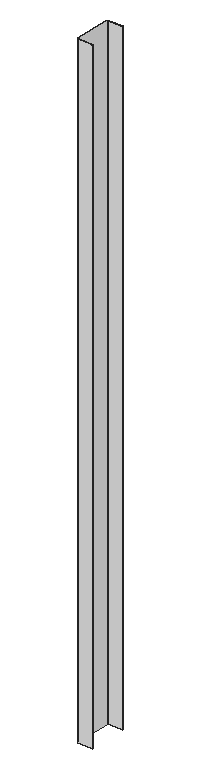
Revit family "Manômetro de luz - Guias da forração - Coluna", category Pilares estruturais, Revit 2019
Family settings
  Forma do corte = Não definido
  Material para o comportamento do modelo = Aço
  Exportar sempre como geometria = Não
  Redução da viga na planta = Da caixa de vinculação
  Corte com vazios quando carregada = Não
  Representação simbólica = Das configurações de projeto
  Compartilhado = Não
  Exibir o pré-corte da família na vista da planta = Sim
Parameters (values of type "U150x50x2.28")
  t = 2.3 mm
  r1 = r + t  # 4.6 mm
  r = t  # 2.3 mm
  ey = 11 mm
  W = 0.00431
  Structural Material [instance] = Aço leve galvaniado
  D = 150 mm
  Código de montagem = "B10"
  B = 50 mm
  A = 549.00 mm²
Reference planes
  plane 1 "Centro (Frente/Trás)": y = 0
  plane 2: z = 0
  plane 3 "Centro (Esquerda/Direita)": x = 0
  plane 4: x = -11
  plane 5: y = 75
  plane 6: y = -75
  plane 7: x = 51.918
Forms (mm)
  Extrusion 1, solid, material "Aço leve galvaniado" <- "Structural Material", detail levels medium
    sketch origin (0, -41.275, 0) x (1, 0, 0) y (0, 1, 0)
      loop
        line (-11, 116.275) -> (-11, -33.725) -> (51.918, -33.725) -> (51.918, -31.425) -> (-8.7, -31.425) -> (-8.7, 113.975) -> (51.918, 113.975) -> (51.918, 116.275) -> (-11, 116.275)
    from 0 to 2500
  Extrusion 2, solid, material "Aço leve galvaniado" <- "Structural Material", detail levels fine
    sketch origin (0, -41.275, 0) x (1, 0, 0) y (0, 1, 0)
      loop
        arc (-6.4, 116.275) -> (-9.653, 114.928) -> (-11, 111.675) r 4.6
        line (-11, 111.675) -> (-11, -29.125)
        arc (-11, -29.125) -> (-9.653, -32.378) -> (-6.4, -33.725) r 4.6
        line (-6.4, -33.725) -> (51.918, -33.725) -> (51.918, -31.425) -> (-6.4, -31.425)
        arc (-6.4, -31.425) -> (-8.026, -30.751) -> (-8.7, -29.125) r 2.3
        line (-8.7, -29.125) -> (-8.7, 111.675)
        arc (-8.7, 111.675) -> (-8.026, 113.301) -> (-6.4, 113.975) r 2.3
        line (-6.4, 113.975) -> (51.918, 113.975) -> (51.918, 116.275) -> (-6.4, 116.275)
    from 0 to 2500
Lines and regions (mm)
  symbolic lines, style "StructuralColumnStickSymbols", detail levels coarse
    curve 1: line (-11, 75, 0) -> (51.918, 75, 0)
    curve 2: line (-11, -75, 0) -> (51.918, -75, 0)
    curve 3: line (-11, 75, 0) -> (-11, -75, 0)
  symbolic lines, style "Faces ocultas", detail levels medium+fine
    curve 4: line (0.9, -72.7, 2500) -> (0.9, -72.7, 0)
    curve 5: line (0.9, 72.7, 2500) -> (0.9, 72.7, 0)
    curve 6: line (-8.7, -19, 2500) -> (-8.7, -19, 0)
Dimensions and locks
  "ey": plane 4 to plane 3 "Centro (Esquerda/Direita)"
  "t": Extrusion 2 sketch curve to Extrusion 2 sketch curve  (x3)
  "t": Extrusion 1 sketch curve to Extrusion 1 sketch curve  (x3)
  "t": curve 4 to Extrusion 1
  "t": Extrusion 1 to curve 6
  "t": Extrusion 1 to curve 5
  equal spacing: plane 5, plane 1 "Centro (Frente/Trás)", plane 6
  "D": plane 5 to plane 6
  plane 4 to plane 7 = 62.918 mm
  "r1": radius of Extrusion 2 sketch curve  (x2)
  "r": radius of Extrusion 2 sketch curve  (x2)
  aligned and locked: level to Extrusion 1
  aligned and locked: level to plane 2
  aligned and locked: Extrusion 1 to plane 2
  aligned and locked: level to Extrusion 2
  aligned and locked: level to curve 5
  aligned and locked: level to curve 4
  aligned and locked: Extrusion 2 to level  (x2)
  aligned and locked: level to curve 6
  aligned and locked: plane 4 to Extrusion 2 sketch curve
  aligned and locked: plane 4 to Extrusion 1 sketch curve
  aligned and locked: curve 1 to plane 5
  aligned and locked: Extrusion 2 sketch curve to plane 5
  aligned and locked: Extrusion 1 sketch curve to plane 5
  aligned and locked: Extrusion 1 sketch curve to plane 7  (x2)
  aligned and locked: plane 7 to curve 1
  aligned and locked: plane 7 to curve 2
  aligned and locked: curve 2 to plane 6
  aligned and locked: Extrusion 2 sketch curve to plane 7  (x2)
  aligned and locked: plane 6 to Extrusion 2 sketch curve
  aligned and locked: Extrusion 1 to plane 6
Automatic sketch dimensions
  curve 3 to plane 4 = 0 mm
  curve 5 to level = 0 mm
  curve 4 to level = 0 mm
  curve 6 to level = 0 mm
  plane 1 "Centro (Frente/Trás)" to Extrusion 1 sketch curve = 72.7 mm
Types in the file's own list only (118): name | t | r1 | r | ey | W | D | B | A
  U50x20x2.0 | 2 mm | 4 mm | 2 mm | 6 mm | 0.00129 | 50 mm | 20 mm | 164.00 mm²
  U50x20x2.5 | 3 mm | 5 mm | 3 mm | 6 mm | 0.00158 | 50 mm | 20 mm | 201.00 mm²
  U50x20x3.0 | 3 mm | 6 mm | 3 mm | 6 mm | 0.00184 | 50 mm | 20 mm | 235.00 mm²
  U50x20x3.5 | 4 mm | 7 mm | 4 mm | 5 mm | 0.0021 | 50 mm | 20 mm | 267.00 mm²
  U50x25x1.52 | 2 mm | 3 mm | 2 mm | 7 mm | 0.00112 | 50 mm | 25 mm | 142.00 mm²
  U50x25x1.90 | 2 mm | 4 mm | 2 mm | 7 mm | 0.00138 | 50 mm | 25 mm | 175.00 mm²
  U50x25x2.28 | 2 mm | 5 mm | 2 mm | 7 mm | 0.00162 | 50 mm | 25 mm | 207.00 mm²
  U50x25x2.66 | 3 mm | 5 mm | 3 mm | 8 mm | 0.00186 | 50 mm | 25 mm | 238.00 mm²
  U50x25x3.04 | 3 mm | 6 mm | 3 mm | 8 mm | 0.0021 | 50 mm | 25 mm | 267.00 mm²
  U50x25x4.00 | 4 mm | 8 mm | 4 mm | 7 mm | 0.00265 | 50 mm | 25 mm | 337.00 mm²
  U50x30x2.5 | 3 mm | 5 mm | 3 mm | 11 mm | 0.00197 | 50 mm | 30 mm | 251.00 mm²
  U50x30x3.0 | 3 mm | 6 mm | 3 mm | 10 mm | 0.00231 | 50 mm | 30 mm | 295.00 mm²
  U50x30x4.0 | 4 mm | 8 mm | 4 mm | 10 mm | 0.00296 | 50 mm | 30 mm | 377.00 mm²
  U50x40x2.0 | 2 mm | 4 mm | 2 mm | 16 mm | 0.00192 | 50 mm | 40 mm | 244.00 mm²
  U50x40x3.0 | 3 mm | 6 mm | 3 mm | 15 mm | 0.00278 | 50 mm | 40 mm | 355.00 mm²
  U50x40x4.0 | 4 mm | 8 mm | 4 mm | 15 mm | 0.00359 | 50 mm | 40 mm | 457.00 mm²
  U60x25x2.5 | 3 mm | 5 mm | 3 mm | 8 mm | 0.00197 | 60 mm | 25 mm | 251.00 mm²
  U60x25x3.0 | 3 mm | 6 mm | 3 mm | 7 mm | 0.00231 | 60 mm | 25 mm | 295.00 mm²
  U60x30x2.0 | 2 mm | 4 mm | 2 mm | 10 mm | 0.00176 | 60 mm | 30 mm | 224.00 mm²
  U60x30x3.0 | 3 mm | 6 mm | 3 mm | 10 mm | 0.00255 | 60 mm | 30 mm | 325.00 mm²
  U60x30x4.0 | 4 mm | 8 mm | 4 mm | 9 mm | 0.00328 | 60 mm | 30 mm | 417.00 mm²
  U60x40x2.0 | 2 mm | 4 mm | 2 mm | 15 mm | 0.00208 | 60 mm | 40 mm | 264.00 mm²
  U60x40x2.5 | 3 mm | 5 mm | 3 mm | 15 mm | 0.00256 | 60 mm | 40 mm | 326.00 mm²
  U60x40x3.0 | 3 mm | 6 mm | 3 mm | 15 mm | 0.00302 | 60 mm | 40 mm | 385.00 mm²
  U60x40x4.0 | 4 mm | 8 mm | 4 mm | 14 mm | 0.0039 | 60 mm | 40 mm | 497.00 mm²
  U75x40x1.52 | 2 mm | 3 mm | 2 mm | 11 mm | 0.00177 | 75 mm | 40 mm | 226.00 mm²
  U75x40x1.90 | 2 mm | 4 mm | 2 mm | 11 mm | 0.0022 | 75 mm | 40 mm | 280.00 mm²
  U75x40x2.28 | 2 mm | 5 mm | 2 mm | 11 mm | 0.00261 | 75 mm | 40 mm | 332.00 mm²
  U75x40x2.66 | 3 mm | 5 mm | 3 mm | 12 mm | 0.00301 | 75 mm | 40 mm | 384.00 mm²
  U75x40x3.04 | 3 mm | 6 mm | 3 mm | 12 mm | 0.00341 | 75 mm | 40 mm | 435.00 mm²
  U75x40x3.42 | 3 mm | 7 mm | 3 mm | 12 mm | 0.0038 | 75 mm | 40 mm | 484.00 mm²
  U75x40x3.80 | 4 mm | 8 mm | 4 mm | 12 mm | 0.00417 | 75 mm | 40 mm | 532.00 mm²
  U75x40x4.18 | 4 mm | 8 mm | 4 mm | 12 mm | 0.00454 | 75 mm | 40 mm | 579.00 mm²
  U75x40x4.76 | 5 mm | 10 mm | 5 mm | 13 mm | 0.00509 | 75 mm | 40 mm | 648.00 mm²
  U75x50x3.0 | 3 mm | 6 mm | 3 mm | 19 mm | 0.00384 | 75 mm | 50 mm | 490.00 mm²
  U90x25x2.5 | 3 mm | 5 mm | 3 mm | 7 mm | 0.00256 | 90 mm | 25 mm | 326.00 mm²
  U90x25x3.0 | 3 mm | 6 mm | 3 mm | 6 mm | 0.00302 | 90 mm | 25 mm | 385.00 mm²
  U90x25x4.0 | 4 mm | 8 mm | 4 mm | 6 mm | 0.0039 | 90 mm | 25 mm | 497.00 mm²
  U90x40x3.0 | 3 mm | 6 mm | 3 mm | 13 mm | 0.00373 | 90 mm | 40 mm | 475.00 mm²
  U90x40x4.0 | 4 mm | 8 mm | 4 mm | 13 mm | 0.00485 | 90 mm | 40 mm | 617.00 mm²
  U90x60x4.0 | 4 mm | 8 mm | 4 mm | 22 mm | 0.0061 | 90 mm | 60 mm | 777.00 mm²
  U90x60x5.0 | 5 mm | 10 mm | 5 mm | 22 mm | 0.00747 | 90 mm | 60 mm | 952.00 mm²
  U90x60x6.0 | 6 mm | 12 mm | 6 mm | 21 mm | 0.00878 | 90 mm | 60 mm | 1119.00 mm²
  U90x80x5.0 | 5 mm | 10 mm | 5 mm | 32 mm | 0.00904 | 90 mm | 80 mm | 1152.00 mm²
  U90x80x6.0 | 6 mm | 12 mm | 6 mm | 31 mm | 0.01067 | 90 mm | 80 mm | 1359.00 mm²
  U100x25x2.5 | 3 mm | 5 mm | 3 mm | 6 mm | 0.00275 | 100 mm | 25 mm | 351.00 mm²
  U100x25x3.0 | 3 mm | 6 mm | 3 mm | 6 mm | 0.00326 | 100 mm | 25 mm | 415.00 mm²
  U100x25x4.0 | 4 mm | 8 mm | 4 mm | 5 mm | 0.00422 | 100 mm | 25 mm | 537.00 mm²
  U100x40x1.52 | 2 mm | 3 mm | 2 mm | 10 mm | 0.00207 | 100 mm | 40 mm | 264.00 mm²
  U100x40x1.90 | 2 mm | 4 mm | 2 mm | 10 mm | 0.00257 | 100 mm | 40 mm | 327.00 mm²
  U100x40x2.28 | 2 mm | 5 mm | 2 mm | 10 mm | 0.00306 | 100 mm | 40 mm | 389.00 mm²
  U100x40x2.66 | 3 mm | 5 mm | 3 mm | 10 mm | 0.00354 | 100 mm | 40 mm | 451.00 mm²
  U100x40x3.04 | 3 mm | 6 mm | 3 mm | 10 mm | 0.00401 | 100 mm | 40 mm | 511.00 mm²
  U100x40x3.42 | 3 mm | 7 mm | 3 mm | 10 mm | 0.00447 | 100 mm | 40 mm | 569.00 mm²
  U100x40x3.80 | 4 mm | 8 mm | 4 mm | 11 mm | 0.00492 | 100 mm | 40 mm | 627.00 mm²
  U100x40x4.18 | 4 mm | 8 mm | 4 mm | 11 mm | 0.00536 | 100 mm | 40 mm | 683.00 mm²
  U100x40x4.76 | 5 mm | 10 mm | 5 mm | 11 mm | 0.00602 | 100 mm | 40 mm | 767.00 mm²
  U100x50x1.52 | 2 mm | 3 mm | 2 mm | 13 mm | 0.00231 | 100 mm | 50 mm | 294.00 mm²
  U100x50x1.90 | 2 mm | 4 mm | 2 mm | 13 mm | 0.00287 | 100 mm | 50 mm | 365.00 mm²
  U100x50x2.28 | 2 mm | 5 mm | 2 mm | 14 mm | 0.00341 | 100 mm | 50 mm | 435.00 mm²
  U100x50x2.66 | 3 mm | 5 mm | 3 mm | 14 mm | 0.00395 | 100 mm | 50 mm | 504.00 mm²
  U100x50x3.04 | 3 mm | 6 mm | 3 mm | 14 mm | 0.00448 | 100 mm | 50 mm | 571.00 mm²
  U100x50x3.42 | 3 mm | 7 mm | 3 mm | 14 mm | 0.005 | 100 mm | 50 mm | 638.00 mm²
  U100x50x3.80 | 4 mm | 8 mm | 4 mm | 14 mm | 0.00552 | 100 mm | 50 mm | 703.00 mm²
  U100x50x4.18 | 4 mm | 8 mm | 4 mm | 15 mm | 0.00602 | 100 mm | 50 mm | 767.00 mm²
  U100x50x4.76 | 5 mm | 10 mm | 5 mm | 15 mm | 0.00677 | 100 mm | 50 mm | 863.00 mm²
  U100x50x6.0 | 6 mm | 12 mm | 6 mm | 16 mm | 0.00831 | 100 mm | 50 mm | 1059.00 mm²
  U100x60x4.0 | 4 mm | 8 mm | 4 mm | 22 mm | 0.00642 | 100 mm | 60 mm | 817.00 mm²
  U100x60x5.0 | 5 mm | 10 mm | 5 mm | 21 mm | 0.00787 | 100 mm | 60 mm | 1002.00 mm²
  U100x60x6.0 | 6 mm | 12 mm | 6 mm | 21 mm | 0.00926 | 100 mm | 60 mm | 1179.00 mm²
  U100x80x5.0 | 5 mm | 10 mm | 5 mm | 31 mm | 0.00944 | 100 mm | 80 mm | 1202.00 mm²
  U100x80x6.0 | 6 mm | 12 mm | 6 mm | 30 mm | 0.01114 | 100 mm | 80 mm | 1419.00 mm²
  U100x80x8.0 | 8 mm | 16 mm | 8 mm | 29 mm | 0.01436 | 100 mm | 80 mm | 1819.00 mm²
  U125x50x6.0 | 6 mm | 12 mm | 6 mm | 15 mm | 0.00949 | 125 mm | 50 mm | 1209.00 mm²
  U127x50x1.52 | 2 mm | 3 mm | 2 mm | 12 mm | 0.00263 | 127 mm | 50 mm | 335.00 mm²
  U127x50x1.90 | 2 mm | 4 mm | 2 mm | 12 mm | 0.00327 | 127 mm | 50 mm | 417.00 mm²
  U127x50x2.28 | 2 mm | 5 mm | 2 mm | 12 mm | 0.0039 | 127 mm | 50 mm | 497.00 mm²
  U127x50x2.66 | 3 mm | 5 mm | 3 mm | 12 mm | 0.00452 | 127 mm | 50 mm | 576.00 mm²
  U127x50x3.04 | 3 mm | 6 mm | 3 mm | 12 mm | 0.00513 | 127 mm | 50 mm | 653.00 mm²
  U127x50x3.42 | 3 mm | 7 mm | 3 mm | 13 mm | 0.00573 | 127 mm | 50 mm | 730.00 mm²
  U127x50x3.80 | 4 mm | 8 mm | 4 mm | 13 mm | 0.00632 | 127 mm | 50 mm | 805.00 mm²
  U127x50x4.18 | 4 mm | 8 mm | 4 mm | 13 mm | 0.00691 | 127 mm | 50 mm | 880.00 mm²
  U127x50x4.76 | 5 mm | 10 mm | 5 mm | 13 mm | 0.00778 | 127 mm | 50 mm | 991.00 mm²
  U150x50x1.90 | 2 mm | 4 mm | 2 mm | 11 mm | 0.00361 | 150 mm | 50 mm | 460.00 mm²
  U150x50x2.66 | 3 mm | 5 mm | 3 mm | 11 mm | 0.005 | 150 mm | 50 mm | 637.00 mm²
  U150x50x3.04 | 3 mm | 6 mm | 3 mm | 11 mm | 0.00568 | 150 mm | 50 mm | 723.00 mm²
  U150x50x3.42 | 3 mm | 7 mm | 3 mm | 12 mm | 0.00635 | 150 mm | 50 mm | 809.00 mm²
  U150x50x3.80 | 4 mm | 8 mm | 4 mm | 12 mm | 0.00701 | 150 mm | 50 mm | 893.00 mm²
  U150x50x4.18 | 4 mm | 8 mm | 4 mm | 12 mm | 0.00766 | 150 mm | 50 mm | 976.00 mm²
  U150x50x4.76 | 5 mm | 10 mm | 5 mm | 12 mm | 0.00864 | 150 mm | 50 mm | 1101.00 mm²
  U150x50x6.0 | 6 mm | 12 mm | 6 mm | 14 mm | 0.01067 | 150 mm | 50 mm | 1359.00 mm²
  U150x50x8.0 | 8 mm | 16 mm | 8 mm | 13 mm | 0.01373 | 150 mm | 50 mm | 1749.00 mm²
  U150x70x5.0 | 5 mm | 10 mm | 5 mm | 23 mm | 0.01061 | 150 mm | 70 mm | 1352.00 mm²
  U175x55x6.0 | 6 mm | 12 mm | 6 mm | 15 mm | 0.01232 | 175 mm | 55 mm | 1569.00 mm²
  U175x70x6.0 | 6 mm | 12 mm | 6 mm | 22 mm | 0.01373 | 175 mm | 70 mm | 1749.00 mm²
  U200x50x1.90 | 2 mm | 4 mm | 2 mm | 9 mm | 0.00436 | 200 mm | 50 mm | 555.00 mm²
  U200x50x2.28 | 2 mm | 5 mm | 2 mm | 9 mm | 0.0052 | 200 mm | 50 mm | 663.00 mm²
  U200x50x2.66 | 3 mm | 5 mm | 3 mm | 10 mm | 0.00604 | 200 mm | 50 mm | 770.00 mm²
  U200x50x3.04 | 3 mm | 6 mm | 3 mm | 10 mm | 0.00687 | 200 mm | 50 mm | 875.00 mm²
  U200x50x3.42 | 3 mm | 7 mm | 3 mm | 10 mm | 0.00769 | 200 mm | 50 mm | 980.00 mm²
  U200x50x3.80 | 4 mm | 8 mm | 4 mm | 10 mm | 0.0085 | 200 mm | 50 mm | 1083.00 mm²
  U200x50x4.18 | 4 mm | 8 mm | 4 mm | 10 mm | 0.0093 | 200 mm | 50 mm | 1185.00 mm²
  U200x50x4.76 | 5 mm | 10 mm | 5 mm | 10 mm | 0.01051 | 200 mm | 50 mm | 1339.00 mm²
  U200x50x6.0 | 6 mm | 12 mm | 6 mm | 12 mm | 0.01302 | 200 mm | 50 mm | 1659.00 mm²
  U200x50x8.0 | 8 mm | 16 mm | 8 mm | 11 mm | 0.01687 | 200 mm | 50 mm | 2149.00 mm²
  U200x70x5.0 | 5 mm | 10 mm | 5 mm | 21 mm | 0.01258 | 200 mm | 70 mm | 1602.00 mm²
  U200x70x6.0 | 6 mm | 12 mm | 6 mm | 21 mm | 0.01491 | 200 mm | 70 mm | 1899.00 mm²
  U200x70x8.0 | 8 mm | 16 mm | 8 mm | 20 mm | 0.01938 | 200 mm | 70 mm | 2469.00 mm²
  U200x80x5.0 | 5 mm | 10 mm | 5 mm | 26 mm | 0.01336 | 200 mm | 80 mm | 1702.00 mm²
  U200x80x6.0 | 6 mm | 12 mm | 6 mm | 25 mm | 0.01585 | 200 mm | 80 mm | 2019.00 mm²
  U200x80x8.0 | 8 mm | 16 mm | 8 mm | 24 mm | 0.02064 | 200 mm | 80 mm | 2629.00 mm²
  U240x70x6.0 | 6 mm | 12 mm | 6 mm | 19 mm | 0.01679 | 240 mm | 70 mm | 2139.00 mm²
  U240x70x8.0 | 8 mm | 16 mm | 8 mm | 18 mm | 0.0219 | 240 mm | 70 mm | 2789.00 mm²
  U250x75x6.0 | 6 mm | 12 mm | 6 mm | 21 mm | 0.01773 | 250 mm | 75 mm | 2259.00 mm²
  U250x90x6.0 | 6 mm | 12 mm | 6 mm | 28 mm | 0.01915 | 250 mm | 90 mm | 2439.00 mm²
  U300x60x6.0 | 6 mm | 12 mm | 6 mm | 13 mm | 0.01868 | 300 mm | 60 mm | 2379.00 mm²
  U300x80x6.0 | 6 mm | 12 mm | 6 mm | 22 mm | 0.02056 | 300 mm | 80 mm | 2619.00 mm²
  U300x90x8.0 | 8 mm | 16 mm | 8 mm | 25 mm | 0.02818 | 300 mm | 90 mm | 3589.00 mm²
